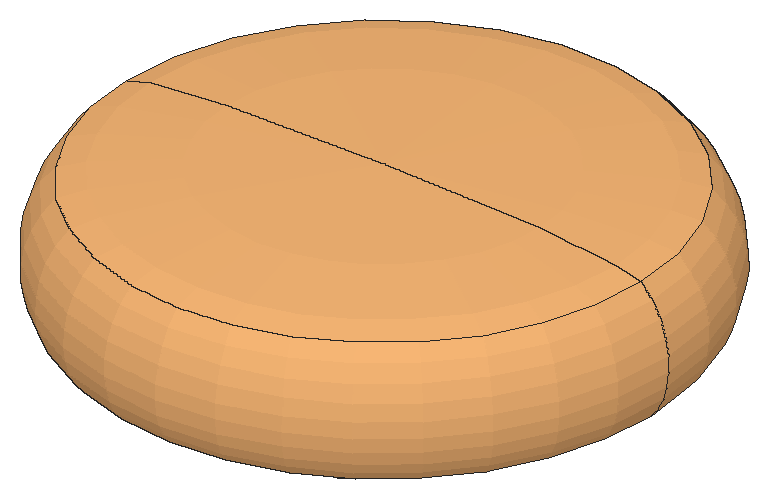
Revit family "Arper_Pix_177_Outdoor_lounge_5seats_3025", category Arredi, Revit 2014
Parameters
  URL = "http://www.arper.com"
  Produttore = "ARPER s.p.a."  # constant formula
  Modello = "Pix 177 Outdoor"  # constant formula
  Descrizione = "Five seater ottoman. Upholstery available in fabric, leather, faux\r\nleather or customer's material. Fitted with glides. Diameter 177 cm."
  Copyright [instance] = "ARPER s.p.a."  # constant formula
  Arper - Glides material [instance] = Arper - generic glides
  Arper - Cover material [instance] = Arper - generic texture
  Arper - Article code [instance] = "art.3025"  # constant formula
Reference planes
  plane 1 "Centro (Fronte/Retro)": y = 0
  plane 2: z = 0
  plane 3 "Centro (Sinistra/Destra)": x = 0
Forms (mm)
  Revolve 1, solid, material "Arper - generic texture" <- "Arper - Cover material"
    sketch origin (0, 0, 0) x (1, 0, 0) y (0, 0, 1)
      loop
        line (0, 449) -> (0, 19) -> (779.42, 19)
        spline (779.42, 19) -> (804.863, 22.653) -> (827.786, 35.558) -> (847.65, 56.469) -> (863.918, 84.138) -> (876.05, 117.315) -> (883.51, 154.755) -> (885.759, 195.208) -> (882.258, 237.426) -> (872.47, 280.163) -> (855.857, 322.17) -> (831.879, 362.198) -> (800.001, 399)
        spline (800.001, 399) -> (791.065, 403.367) -> (776.224, 408.295) -> (754.1, 413.606) -> (723.316, 419.119) -> (682.494, 424.657) -> (630.258, 430.038) -> (565.229, 435.084) -> (486.031, 439.615) -> (391.287, 443.452) -> (279.618, 446.414) -> (149.648, 448.324) -> (0, 449)
      axis (0, 449) -> (0, 19)
    angle from 0 to 360
  Extrusion 2, solid, material "Arper - generic glides" <- "Arper - Glides material"
    sketch origin (-250.981, -204.383, 0) x (1, 0, 0) y (0, 1, 0)
      loop
        circle (250.981, 204.383) r 39
    from 0 to 25
  Extrusion 3, solid, material "Arper - generic glides" <- "Arper - Glides material"
    sketch origin (58.623, -535.523, 0) x (0.573576, -0.819152, 0) y (0.819152, 0.573576, 0)
      loop
        circle (250.981, 204.383) r 39
    from 0 to 25
  Extrusion 4, solid, material "Arper - generic glides" <- "Arper - Glides material"
    sketch origin (-474.019, -204.383, 0) x (-1, 0, 0) y (0, -1, 0)
      loop
        circle (250.981, -204.383) r 39
    from 0 to 25
  Extrusion 5, solid, material "Arper - generic glides" <- "Arper - Glides material"
    sketch origin (474.019, -204.383, 0) x (1, 0, 0) y (0, 1, 0)
      loop
        circle (250.981, 204.383) r 39
    from 0 to 25
  Extrusion 6, solid, material "Arper - generic glides" <- "Arper - Glides material"
    sketch origin (58.623, 535.523, 0) x (0.573576, 0.819152, 0) y (-0.819152, 0.573576, 0)
      loop
        circle (250.981, -204.383) r 39
    from 0 to 25
  Extrusion 7, solid, material "Arper - generic glides" <- "Arper - Glides material"
    sketch origin (-58.623, -535.523, 0) x (-0.573576, -0.819152, 0) y (0.819152, -0.573576, 0)
      loop
        circle (250.981, -204.383) r 39
    from 0 to 25
  Extrusion 8, solid, material "Arper - generic glides" <- "Arper - Glides material"
    sketch origin (-58.623, 535.523, 0) x (-0.573576, 0.819152, 0) y (-0.819152, -0.573576, 0)
      loop
        circle (250.981, 204.383) r 39
    from 0 to 25
Dimensions and locks
  aligned and locked: level to plane 2
